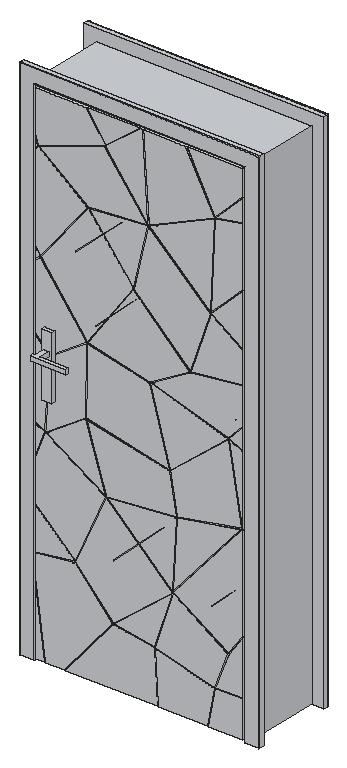
Revit family "PortaVECTORbp_K", category Drzwi, Revit 2016
Family settings
  Obiekt nadrzędny = Ściana
  Zawsze pionowo = Tak
  Tnij formami wycięć po wczytaniu = Nie
  Współdzielony = Nie
  Punkt obliczania pomieszczeń = Nie
Parameters (values of type "PN 80")
  Zakres szerokości muru [instance] = if(and(Szerokość ściany > 94 mm, Szerokość ściany < 120 mm), "B", (if(and(Szerokość ściany > 119 mm, Szerokość ściany < 140 mm), "C", (if(and(Szerokość ściany > 139 mm, Szerokość ściany < 160 mm), "D", (if(and(Szerokość ściany > 159 mm, Szerokość ściany < 180 mm), "E", (if(and(Szerokość ściany > 179 mm, Szerokość ściany < 200 mm), "F", (if(and(Szerokość ściany > 199 mm, Szerokość ściany < 220 mm), "G", (if(and(Szerokość ściany > 219 mm, Szerokość ściany < 240 mm), "H", (if(and(Szerokość ściany > 239 mm, Szerokość ściany < 260 mm), "I", (if(and(Szerokość ściany > 259 mm, Szerokość ściany < 280 mm), "J", (if(and(Szerokość ściany > 279 mm, Szerokość ściany < 301 mm), "K", "BRAK")))))))))))))))))))  # "K"
  Wysokość brutto = 2060 mm
  Szerokość ściany [instance] = 300 mm
  Szerokość brutto = 880 mm
  Model = "Porta Vector K"
  Konstrukcja analityczna = "<Brak>"
  Funkcja = Wewnętrzna
  URL = "www.porta.com.pl"
  Ss = 818 mm
  Sb = 846 mm
  Producent = "PORTA KMI POLAND"
  Keynote = ""
  Opis = "Własność Porta KMI Poland, wszelkie prawa zastrzeżone."  # constant formula
  Wysokość = 2016 mm
  Zakończenie ściany = Wg obiektu nadrzędnego
  Szerokość = 800 mm
  Materiał_skrzydło [instance] = none
  Materiał_ościeżnica [instance] = none
  Materiał_klamka [instance] = none
  Hs = 2017 mm
Reference planes
  plane 1: y = 0
  plane 2 "Środek (Lewa/Prawa)": x = 0
  plane 3 "Lewy": x = -440
  plane 4 "Prawy": x = 440
  plane 5: z = 2060
  plane 6 "Zewnętrzna": y = 150
  plane 7 "Wewnętrzna": y = -150
  plane 8 "skrzydło": y = -129
Forms (mm)
  Sweep 1, solid, material <- "Materiał_ościeżnica"
    path in 3D
      loop
        line (-440, -150, 0) -> (-440, -150, 2060) -> (440, -150, 2060) -> (440, -150, 0)
    profile origin (-440, -150, 1030) x (0, -1, 0) y (1, 0, 0)
      loop
        line (-24, 39) -> (-72, 39) -> (-72, 17) -> (0, 17) -> (0, -33) -> (16, -33)
        arc (16, -33) -> (18.121, -32.121) -> (19, -30) r 3
        line (19, -30) -> (19, 24)
        arc (19, 24) -> (18.121, 26.121) -> (16, 27) r 3
        line (16, 27) -> (-24, 27) -> (-24, 39)
  Sweep 2, solid, material <- "Materiał_ościeżnica"
    path in 3D
      loop
        line (440, 150, 0) -> (440, 150, 2060) -> (-440, 150, 2060) -> (-440, 150, 0)
    profile origin (-440, 150, 1030) x (1, 0, 0) y (0, 1, 0)
      loop
        line (-33, 0) -> (17, 0) -> (17, -228) -> (39, -228) -> (39, -1)
        arc (39, -1) -> (37.536, 2.536) -> (34, 4) r 5
        line (34, 4) -> (25, 4) -> (25, 16)
        arc (25, 16) -> (24.121, 18.121) -> (22, 19) r 3
        line (22, 19) -> (-30, 19)
        arc (-30, 19) -> (-32.121, 18.121) -> (-33, 16) r 3
        line (-33, 16) -> (-33, 0)
  Sweep 3, solid, not visible
    path in 3D
      loop
        line (-440, -150, 0) -> (-440, -150, 2060)
    profile origin (-440, -150, 1030) x (0, -1, 0) y (1, 0, 0)
      loop
        line (-151, 17) -> (-149, 17) -> (-149, 19) -> (-151, 19) -> (-151, 17)
Cuts and joins
  joined: Sweep 1, Sweep 2
Lines and regions (mm)
  Opening 1
    outline origin (-3050, -150, 0) x (1, 0, 0) y (0, 0, 1)
      loop
        line (2610, 0) -> (3490, 0) -> (3490, 2060) -> (2610, 2060) -> (2610, 0)
  sketch lines
    curve 1: line (-440, -150, 0) -> (-440, -150, 2060)
    curve 2: line (-440, -150, 2060) -> (440, -150, 2060)
    curve 3: line (440, -150, 2060) -> (440, -150, 0)
    curve 4: line (-440, 150, 2060) -> (-440, 150, 0)
    curve 5: line (440, 150, 2060) -> (-440, 150, 2060)
    curve 6: line (440, 150, 0) -> (440, 150, 2060)
    curve 12: line (-440, -150, 0) -> (-440, -150, 2060)
  symbolic lines, style "DoorsPanelProjection"
    curve 7: line (409, -150, 0) -> (409, -968, 0)
    curve 8: line (409, -968, 0) -> (369, -968, 0)
    curve 9: line (369, -968, 0) -> (369, -150, 0)
    curve 10: line (369, -150, 0) -> (409, -150, 0)
  symbolic lines, style "Ugięcie rzutu"
    curve 11: arc (-409, -150, 0) -> (-169.413, -728.413, 0) -> (409, -968, 0) r 818
Text (mm)
  text "Zewnętrzna" at (-2295.016, 1099.543, 0), in view "Poziom odniesienia"
  text "Zewnętrzna" at (0, 1615.38, 3698.081), in view "Lewy"
  text "Zewnętrzna" at (0, 1036.032, 3874.932), in view "Prawy"
Dimensions and locks
  equal spacing: plane 3 "Lewy", plane 2 "Środek (Lewa/Prawa)", plane 4 "Prawy"
  "Szerokość brutto": plane 3 "Lewy" to plane 4 "Prawy"
  "Wysokość brutto": plane 5 to host wall
  host wall to plane 5 = 2060 mm  (x2)
  locked: plane 6 "Zewnętrzna" to host wall at 0
  locked: plane 7 "Wewnętrzna" to host wall
  "Sb": Sweep 1 to Sweep 1
  locked: Sweep 1 sketch curve to Sweep 1 sketch curve at 22
  Sweep 1 sketch curve to Sweep 1 sketch curve = 50 mm
  locked: Sweep 1 sketch curve to profile plane at 72
  locked: Sweep 2 sketch curve to Sweep 2 sketch curve at 50
  locked: Sweep 2 sketch curve to Sweep 2 sketch curve at 22
  locked: Sweep 2 sketch curve to plane 6 "Zewnętrzna" at 1
  locked: curve 9 to curve 7 at 40
  "Ss": curve 8 to curve 10
  equal spacing: curve 11, plane 2 "Środek (Lewa/Prawa)", curve 7
  locked: plane 7 "Wewnętrzna" to plane 8 "skrzydło" at 21
  locked: host wall to Sweep 3 sketch curve at 1
  locked: Sweep 3 sketch curve to host wall at 1
  locked: Sweep 3 sketch curve to plane 6 "Zewnętrzna" at 151
  locked: plane 7 "Wewnętrzna" to Sweep 3 sketch curve at 151
  nested 1 to plane 2 "Środek (Lewa/Prawa)" to nested 1 = 409 mm, 409 mm
  locked: nested 1 to level at 8
  "Szerokość ściany": host wall to host wall
  aligned and locked: plane 3 "Lewy" to Opening 1 sketch curve
  aligned and locked: plane 5 to Opening 1 sketch curve  (x2)
  aligned and locked: Opening 1 sketch curve to plane 4 "Prawy"
  aligned and locked: Opening 1 sketch curve to level
  aligned and locked: plane 1 to host wall
  aligned and locked: Sweep 1 to Sweep 2 sketch curve
  aligned and locked: plane 7 "Wewnętrzna" to curve 10
  aligned and locked: Sweep 3 sketch curve to cut or joined group of Sweep 1, Sweep 2
  aligned and locked: Sweep 2 sketch curve to cut or joined group of Sweep 1, Sweep 2
  aligned and locked: nested 1 to plane 8 "skrzydło"
  aligned and locked: plane 2 "Środek (Lewa/Prawa)" to nested 1
Automatic sketch dimensions
  profile plane to Sweep 1 sketch curve = 24 mm
  Sweep 1 sketch curve to profile plane = 16 mm  (x2)
  Sweep 1 sketch curve to Sweep 1 sketch curve = 3 mm
  profile plane to Sweep 1 sketch curve = 17 mm
  Sweep 1 sketch curve to Sweep 1 sketch curve = 7 mm
  Sweep 1 sketch curve to profile plane = 0 mm
  Sweep 2 sketch curve to profile plane = 0 mm
  Sweep 2 sketch curve to profile plane = 16 mm
  Sweep 2 sketch curve to Sweep 2 sketch curve = 3 mm
  Sweep 2 sketch curve to Sweep 2 sketch curve = 5 mm
  Sweep 2 sketch curve to profile plane = 4 mm
  Sweep 2 sketch curve to Sweep 2 sketch curve = 8 mm
  curve 11 to host wall = 0 mm
  Sweep 3 sketch curve to Sweep 3 sketch curve = 2 mm
Nested families
  nested 1: "skrzydło" at (0, -135.5, 0), Materiał_klamka <- "Materiał_klamka", Materiał_skrzydło <- "Materiał_skrzydło", type "skrzydło"
    with Materiał_skrzydło none, Materiał_klamka none, Ss 818 mm
Definition of nested family "skrzydło"
  Parameters
    Ss = 1018 mm
    Materiał_skrzydło [instance] = none
    Materiał_klamka [instance] = none
    Hs = 2017 mm
  Reference planes
    plane 1 "Tył": y = 6.5
    plane 2: z = 0
    plane 3 "Środek (Lewa/Prawa)": x = 0
    plane 4 "Przód": y = -33.5
    plane 5: z = 2025
    plane 6 "Centrum": y = -13.5
    plane 7: z = 8
    plane 8: x = -509
    plane 9: x = 509
  Forms (mm)
    Extrusion 1, solid, material <- "Materiał_skrzydło"
      sketch origin (-1191.728, -1524, 8) x (-1, 0, 0) y (0, -1, 0)
        loop
          line (-1700.728, -1490.5) -> (-1700.728, -1530.5) -> (-682.728, -1530.5) -> (-682.728, -1490.5) -> (-1700.728, -1490.5)
      from 0 to 2017
    Extrusion 2, void
      sketch origin (-2050.117, -33.5, 1200) x (1, 0, 0) y (0, 0, 1)
        loop
          line (1529.514, -818.973) -> (1592.214, -1268.628) -> (1945.247, -961.977) -> (1697.17, -797.736) -> (1529.514, -818.973)
        loop
          line (1948.697, -964.082) -> (1595.067, -1271.455) -> (2126.271, -1275.578) -> (2109.487, -990.859) -> (1948.697, -964.082)
        loop
          line (2113.546, -991.75) -> (2130.343, -1276.68) -> (2375.033, -1420.122) -> (2447.62, -1050.268) -> (2113.546, -991.75)
        loop
          line (2684.447, -660.057) -> (2504.354, -909.412) -> (2452.865, -1046.707) -> (2825.986, -1036.343) -> (2684.447, -660.057)
        loop
          line (2500.133, -909.276) -> (2184.593, -772.218) -> (2113.959, -987.73) -> (2448.703, -1046.416) -> (2500.133, -909.276)
        loop
          line (2179.461, -775.033) -> (1952.571, -960.672) -> (2110.024, -986.894) -> (2179.461, -775.033)
        loop
          line (1700.317, -795.253) -> (1948.097, -959.164) -> (2180.462, -769.046) -> (1921.782, -526.205) -> (1700.317, -795.253)
        loop
          line (2186.505, -768.694) -> (2502.058, -905.76) -> (2682.603, -655.778) -> (2556.332, -451.256) -> (2186.505, -768.694)
        loop
          line (2201.463, -497.735) -> (2185.841, -763.299) -> (2551.409, -450.871) -> (2201.463, -497.735)
        loop
          line (1925.703, -524.399) -> (2181.748, -764.767) -> (2197.424, -498.271) -> (1925.703, -524.399)
        loop
          line (1580.863, -381.636) -> (1494.523, -599.216) -> (1697.291, -792.236) -> (1918.553, -523.636) -> (1580.863, -381.636)
        loop
          line (1266.865, -756.264) -> (1527.348, -815.215) -> (1693.518, -794.166) -> (1491.961, -602.3) -> (1266.865, -756.264)
        loop
          line (1740.148, -276.574) -> (1583.648, -378.64) -> (1917.593, -518.403) -> (1740.148, -276.574)
        loop
          line (2719.06, 80.455) -> (2676.547, 508.296) -> (2803.011, 676.913) -> (2728.619, 896.551) -> (2541.056, 928.401) -> (2218.959, 867.036) -> (2400.574, 1072.97) -> (2030.176, 1012.486) -> (1674.086, 931.801) -> (1461.499, 889.283) -> (1549.56, 621.573) -> (1398.38, 442.266) -> (1559.478, 235.631) -> (1380.294, 105.635) -> (1598.256, -102.424) -> (1578.109, -375.601) -> (1315.267, -245.135) -> (1313.488, -248.717) -> (1577.334, -379.682) -> (1490.53, -598.432) -> (1257.036, -758.141) -> (1525.464, -818.89) -> (1589.119, -1275.398) -> (2127.597, -1279.591) -> (2377.52, -1428.22) -> (2451.603, -1050.744) -> (2831.705, -1040.185) -> (2686.811, -654.979) -> (2559.616, -448.961) -> (2736.05, -389.883) -> (2693.707, -228.787) -> (2506.428, -147.295) -> (2719.06, 80.455)
        loop
          line (1602.248, -102.678) -> (1582.177, -374.824) -> (1739.267, -272.373) -> (1744.071, -7.235) -> (1602.248, -102.678)
        loop
          line (2171.042, -342.458) -> (1744.198, -276.106) -> (1922.524, -520.686) -> (2197.211, -494.273) -> (2171.042, -342.458)
        loop
          line (2501.673, -151.749) -> (2174.948, -341.568) -> (2201.175, -493.72) -> (2554.272, -446.265) -> (2501.673, -151.749)
        loop
          line (2690.331, -231.68) -> (2505.66, -151.323) -> (2558.151, -445.233) -> (2731.23, -387.279) -> (2690.331, -231.68)
        loop
          line (2090.866, -58.669) -> (1748.096, -5.893) -> (1743.277, -271.837) -> (2169.968, -338.159) -> (2090.866, -58.669)
        loop
          line (1386.527, 105.215) -> (1600.498, -99.034) -> (1743.259, -2.96) -> (1561.93, 232.468) -> (1386.527, 105.215)
        loop
          line (1403.529, 442.167) -> (1562.326, 238.483) -> (1745.436, 473.416) -> (1552.118, 618.402) -> (1403.529, 442.167)
        loop
          line (1564.857, 235.223) -> (1746.092, -0.082) -> (2025.692, 248.188) -> (1748.282, 470.561) -> (1564.857, 235.223)
        loop
          line (2028.484, 245.224) -> (1749.557, -2.117) -> (2092.142, -54.853) -> (2249.772, 34.472) -> (2028.484, 245.224)
        loop
          line (2097.555, -56.383) -> (2502.414, -145.734) -> (2711.726, 78.462) -> (2253.748, 32.128) -> (2097.555, -56.383)
        loop
          line (2095.372, -59.901) -> (2173.869, -337.255) -> (2498.883, -148.867) -> (2095.372, -59.901)
        loop
          line (2672.905, 504.493) -> (2436.596, 269.998) -> (2714.077, 90.143) -> (2672.905, 504.493)
        loop
          line (2434.49, 266.596) -> (2256.033, 36.457) -> (2717.392, 83.228) -> (2434.49, 266.596)
        loop
          line (2431.11, 269.075) -> (2088.26, 490.812) -> (2030.415, 248.909) -> (2252.219, 37.665) -> (2431.11, 269.075)
        loop
          line (2027.209, 252.701) -> (2084.511, 492.335) -> (1752.155, 472.121) -> (2027.209, 252.701)
        loop
          line (2090.71, 493.992) -> (2431.627, 274.02) -> (2447.34, 609.215) -> (2090.71, 493.992)
        loop
          line (2451.413, 610.694) -> (2435.664, 274.708) -> (2672.968, 510.19) -> (2796.106, 674.372) -> (2451.413, 610.694)
        loop
          line (2798.143, 678.816) -> (2726.253, 891.069) -> (2455.359, 615.491) -> (2798.143, 678.816)
        loop
          line (2722.985, 893.451) -> (2541.263, 924.309) -> (2218.557, 862.787) -> (2449.975, 615.719) -> (2722.985, 893.451)
        loop
          line (2214.551, 861.802) -> (2067.885, 833.51) -> (2088.918, 497.572) -> (2446.72, 613.321) -> (2214.551, 861.802)
        loop
          line (2064.021, 831.205) -> (1917.719, 715.524) -> (2084.701, 500.918) -> (2064.021, 831.205)
        loop
          line (1677.714, 928.75) -> (1915.391, 718.783) -> (2063.577, 835.953) -> (2029.172, 1007.976) -> (1677.714, 928.75)
        loop
          line (1673.661, 927.637) -> (1466.709, 886.246) -> (1553.066, 623.717) -> (1911.868, 716.885) -> (1673.661, 927.637)
        loop
          line (1914.237, 713.487) -> (1555.971, 620.512) -> (1748.858, 475.849) -> (2083.271, 496.242) -> (1914.237, 713.487)
        loop
          line (2067.35, 837.481) -> (2214.167, 865.801) -> (2394.07, 1067.417) -> (2033.04, 1009.028) -> (2067.35, 837.481)
      from -1 to 10
    Extrusion 3, void
      sketch origin (0, 6.5, 0) x (-1, 0, 0) y (0, 0, 1)
        loop
          line (-520.603, 381.027) -> (-457.903, -68.628) -> (-204.87, 238.023) -> (-352.947, 402.264) -> (-520.603, 381.027)
        loop
          line (-201.42, 235.918) -> (-455.05, -71.455) -> (76.154, -75.578) -> (-40.631, 209.141) -> (-201.42, 235.918)
        loop
          line (-36.571, 208.25) -> (80.225, -76.68) -> (224.916, -220.122) -> (197.503, 149.732) -> (-36.571, 208.25)
        loop
          line (434.33, 539.943) -> (254.237, 290.588) -> (202.748, 153.293) -> (575.869, 163.657) -> (434.33, 539.943)
        loop
          line (250.016, 290.724) -> (34.475, 427.782) -> (-36.158, 212.27) -> (198.585, 153.584) -> (250.016, 290.724)
        loop
          line (29.343, 424.967) -> (-197.546, 239.328) -> (-40.094, 213.106) -> (29.343, 424.967)
        loop
          line (-349.8, 404.747) -> (-202.02, 240.836) -> (30.344, 430.954) -> (-228.335, 673.795) -> (-349.8, 404.747)
        loop
          line (36.388, 431.306) -> (251.941, 294.24) -> (432.486, 544.222) -> (306.215, 748.744) -> (36.388, 431.306)
        loop
          line (51.346, 702.265) -> (35.724, 436.701) -> (301.292, 749.129) -> (51.346, 702.265)
        loop
          line (-224.415, 675.601) -> (31.631, 435.233) -> (47.307, 701.729) -> (-224.415, 675.601)
        loop
          line (-469.255, 818.364) -> (-555.595, 600.784) -> (-352.827, 407.764) -> (-231.564, 676.364) -> (-469.255, 818.364)
        loop
          line (-783.252, 443.736) -> (-522.769, 384.785) -> (-356.6, 405.834) -> (-558.156, 597.7) -> (-783.252, 443.736)
        loop
          line (-309.969, 923.426) -> (-466.469, 821.36) -> (-232.525, 681.597) -> (-309.969, 923.426)
        loop
          line (468.943, 1280.455) -> (426.43, 1708.296) -> (552.894, 1876.913) -> (478.502, 2096.551) -> (290.939, 2128.401) -> (68.842, 2067.036) -> (150.456, 2272.97) -> (-119.941, 2212.486) -> (-376.031, 2131.801) -> (-588.618, 2089.283) -> (-500.557, 1821.573) -> (-651.737, 1642.266) -> (-490.639, 1435.631) -> (-669.823, 1305.635) -> (-451.861, 1097.576) -> (-472.008, 824.399) -> (-734.851, 954.865) -> (-736.629, 951.283) -> (-472.783, 820.318) -> (-559.587, 601.568) -> (-793.081, 441.859) -> (-524.654, 381.11) -> (-460.998, -75.398) -> (77.48, -79.591) -> (227.403, -228.22) -> (201.486, 149.256) -> (581.588, 159.815) -> (436.694, 545.021) -> (309.499, 751.039) -> (485.933, 810.117) -> (443.59, 971.213) -> (256.311, 1052.705) -> (468.943, 1280.455)
        loop
          line (-447.869, 1097.322) -> (-467.94, 825.176) -> (-310.85, 927.627) -> (-306.046, 1192.765) -> (-447.869, 1097.322)
        loop
          line (20.925, 857.542) -> (-305.919, 923.894) -> (-227.593, 679.314) -> (47.094, 705.727) -> (20.925, 857.542)
        loop
          line (251.555, 1048.251) -> (24.831, 858.432) -> (51.058, 706.28) -> (304.155, 753.735) -> (251.555, 1048.251)
        loop
          line (440.214, 968.32) -> (255.543, 1048.677) -> (308.034, 754.767) -> (481.113, 812.721) -> (440.214, 968.32)
        loop
          line (-59.251, 1141.331) -> (-302.021, 1194.107) -> (-306.84, 928.163) -> (19.851, 861.841) -> (-59.251, 1141.331)
        loop
          line (-663.59, 1305.215) -> (-449.619, 1100.966) -> (-306.858, 1197.04) -> (-488.187, 1432.468) -> (-663.59, 1305.215)
        loop
          line (-646.588, 1642.167) -> (-487.791, 1438.483) -> (-304.681, 1673.416) -> (-497.999, 1818.402) -> (-646.588, 1642.167)
        loop
          line (-485.26, 1435.223) -> (-304.025, 1199.918) -> (-124.425, 1448.188) -> (-301.835, 1670.561) -> (-485.26, 1435.223)
        loop
          line (-121.633, 1445.224) -> (-300.56, 1197.883) -> (-57.975, 1145.147) -> (99.654, 1234.472) -> (-121.633, 1445.224)
        loop
          line (-52.562, 1143.617) -> (252.297, 1054.266) -> (461.609, 1278.462) -> (103.631, 1232.128) -> (-52.562, 1143.617)
        loop
          line (-54.746, 1140.099) -> (23.752, 862.745) -> (248.766, 1051.133) -> (-54.746, 1140.099)
        loop
          line (422.788, 1704.493) -> (186.478, 1469.998) -> (463.96, 1290.143) -> (422.788, 1704.493)
        loop
          line (184.373, 1466.596) -> (105.916, 1236.457) -> (467.275, 1283.228) -> (184.373, 1466.596)
        loop
          line (180.993, 1469.075) -> (-61.857, 1690.812) -> (-119.703, 1448.909) -> (102.102, 1237.665) -> (180.993, 1469.075)
        loop
          line (-122.909, 1452.701) -> (-65.606, 1692.335) -> (-297.962, 1672.121) -> (-122.909, 1452.701)
        loop
          line (-59.407, 1693.992) -> (181.51, 1474.02) -> (197.222, 1809.215) -> (-59.407, 1693.992)
        loop
          line (201.296, 1810.694) -> (185.546, 1474.708) -> (422.85, 1710.19) -> (545.989, 1874.372) -> (201.296, 1810.694)
        loop
          line (548.026, 1878.816) -> (476.135, 2091.069) -> (205.242, 1815.491) -> (548.026, 1878.816)
        loop
          line (472.868, 2093.451) -> (291.146, 2124.309) -> (68.44, 2062.787) -> (199.858, 1815.719) -> (472.868, 2093.451)
        loop
          line (64.434, 2061.802) -> (-82.232, 2033.51) -> (-61.199, 1697.572) -> (196.603, 1813.321) -> (64.434, 2061.802)
        loop
          line (-86.096, 2031.205) -> (-232.398, 1915.524) -> (-65.417, 1700.918) -> (-86.096, 2031.205)
        loop
          line (-372.403, 2128.75) -> (-234.726, 1918.783) -> (-86.54, 2035.953) -> (-120.946, 2207.976) -> (-372.403, 2128.75)
        loop
          line (-376.456, 2127.637) -> (-583.408, 2086.246) -> (-497.051, 1823.717) -> (-238.249, 1916.885) -> (-376.456, 2127.637)
        loop
          line (-235.88, 1913.487) -> (-494.146, 1820.512) -> (-301.259, 1675.849) -> (-66.847, 1696.242) -> (-235.88, 1913.487)
        loop
          line (-82.767, 2037.481) -> (64.05, 2065.801) -> (143.953, 2267.417) -> (-117.077, 2209.028) -> (-82.767, 2037.481)
      from -1 to 10
  Cuts and joins
    Extrusion 2, Extrusion 3 cuts Extrusion 1
  Dimensions and locks
    locked: plane 7 to level at 8
    "Hs": plane 5 to plane 7
    locked: nested 1 to plane 7 at 934
    locked: plane 7 to nested 2 at 934
    equal spacing: plane 4 "Przód", plane 6 "Centrum", plane 1 "Tył"
    equal spacing: plane 8, plane 3 "Środek (Lewa/Prawa)", plane 9
    "Ss": plane 8 to plane 9
    locked: plane 8 to nested 1 at 55
    locked: plane 8 to nested 2 at 55
    aligned and locked: nested 1 to plane 4 "Przód"
    aligned and locked: plane 5 to Extrusion 1
    aligned and locked: nested 2 to nested 1
    aligned and locked: Extrusion 1 sketch curve to plane 8
    aligned and locked: Extrusion 1 sketch curve to plane 9
  Automatic sketch dimensions
    plane 1 "Tył" to Extrusion 1 sketch curve = 0 mm
    Extrusion 1 sketch curve to plane 4 "Przód" = 0 mm
    plane 8 to Extrusion 2 sketch curve = 284.081 mm
    Extrusion 2 sketch curve to Extrusion 2 sketch curve = 9.829 mm
    plane 8 to Extrusion 2 sketch curve = 227.629 mm
    Extrusion 2 sketch curve to Extrusion 2 sketch curve = 1.778 mm
    plane 8 to Extrusion 2 sketch curve = 160.823 mm
    Extrusion 2 sketch curve to Extrusion 2 sketch curve = 6.233 mm
    plane 8 to Extrusion 2 sketch curve = 142.737 mm
    Extrusion 2 sketch curve to Extrusion 2 sketch curve = 5.149 mm
    plane 8 to Extrusion 2 sketch curve = 79.618 mm
    Extrusion 2 sketch curve to Extrusion 2 sketch curve = 5.21 mm
    plane 8 to Extrusion 2 sketch curve = 50.587 mm
    Extrusion 2 sketch curve to Extrusion 2 sketch curve = 1.431 mm
    Extrusion 2 sketch curve to Extrusion 2 sketch curve = 2.562 mm
    plane 8 to Extrusion 2 sketch curve = 15.654 mm
    Extrusion 2 sketch curve to Extrusion 2 sketch curve = 1.884 mm
    Extrusion 2 sketch curve to Extrusion 2 sketch curve = 4.05 mm  (x2)
    Extrusion 2 sketch curve to plane 8 = 8.443 mm
    Extrusion 2 sketch curve to Extrusion 2 sketch curve = 2.558 mm
    Extrusion 2 sketch curve to Extrusion 2 sketch curve = 3.506 mm
    Extrusion 2 sketch curve to Extrusion 2 sketch curve = 2.906 mm
    Extrusion 2 sketch curve to plane 8 = 18.361 mm
    Extrusion 2 sketch curve to Extrusion 2 sketch curve = 2.848 mm
    Extrusion 2 sketch curve to Extrusion 2 sketch curve = 2.452 mm
    Extrusion 2 sketch curve to plane 8 = 36.217 mm
    Extrusion 2 sketch curve to Extrusion 2 sketch curve = 0.775 mm
    Extrusion 2 sketch curve to Extrusion 2 sketch curve = 3.528 mm
    Extrusion 2 sketch curve to Extrusion 2 sketch curve = 4.068 mm
    Extrusion 2 sketch curve to Extrusion 2 sketch curve = 1.471 mm
    Extrusion 2 sketch curve to plane 8 = 48.002 mm
    Extrusion 2 sketch curve to Extrusion 2 sketch curve = 3.095 mm
    Extrusion 2 sketch curve to Extrusion 2 sketch curve = 2.853 mm
    Extrusion 2 sketch curve to plane 8 = 57.139 mm
    Extrusion 2 sketch curve to Extrusion 2 sketch curve = 2.242 mm
    Extrusion 2 sketch curve to Extrusion 2 sketch curve = 3.992 mm
    Extrusion 2 sketch curve to plane 8 = 132.544 mm
    Extrusion 2 sketch curve to Extrusion 2 sketch curve = 0.425 mm  (x2)
    Extrusion 2 sketch curve to Extrusion 2 sketch curve = 3.628 mm
    Extrusion 2 sketch curve to plane 8 = 152.4 mm
    Extrusion 2 sketch curve to Extrusion 2 sketch curve = 3.652 mm
    Extrusion 2 sketch curve to Extrusion 2 sketch curve = 3.773 mm
    Extrusion 2 sketch curve to Extrusion 2 sketch curve = 3.147 mm
    Extrusion 2 sketch curve to Extrusion 2 sketch curve = 157.09 mm
    Extrusion 2 sketch curve to Extrusion 2 sketch curve = 0.881 mm
    Extrusion 2 sketch curve to Extrusion 2 sketch curve = 4.01 mm
    Extrusion 2 sketch curve to Extrusion 2 sketch curve = 143.573 mm
    Extrusion 2 sketch curve to Extrusion 2 sketch curve = 2.022 mm
    Extrusion 2 sketch curve to Extrusion 2 sketch curve = 2.846 mm
    Extrusion 2 sketch curve to Extrusion 2 sketch curve = 3.465 mm
    Extrusion 2 sketch curve to Extrusion 2 sketch curve = 3.422 mm
    Extrusion 2 sketch curve to Extrusion 2 sketch curve = 1.462 mm
    Extrusion 2 sketch curve to Extrusion 2 sketch curve = 3.297 mm
    Extrusion 2 sketch curve to plane 3 "Środek (Lewa/Prawa)" = 135.88 mm
    Extrusion 2 sketch curve to Extrusion 2 sketch curve = 3.523 mm
    Extrusion 2 sketch curve to plane 5 = 108.115 mm
    Extrusion 2 sketch curve to Extrusion 2 sketch curve = 2.369 mm
    Extrusion 2 sketch curve to Extrusion 2 sketch curve = 3.483 mm
    Extrusion 2 sketch curve to plane 3 "Środek (Lewa/Prawa)" = 132.525 mm
    Extrusion 2 sketch curve to Extrusion 2 sketch curve = 0.961 mm
    Extrusion 2 sketch curve to Extrusion 2 sketch curve = 3.229 mm
    Extrusion 2 sketch curve to Extrusion 2 sketch curve = 3.971 mm
    Extrusion 2 sketch curve to Extrusion 2 sketch curve = 3.92 mm
    Extrusion 2 sketch curve to plane 3 "Środek (Lewa/Prawa)" = 104.87 mm
    Extrusion 2 sketch curve to Extrusion 2 sketch curve = 2.85 mm
    Extrusion 2 sketch curve to Extrusion 2 sketch curve = 3.449 mm
    Extrusion 2 sketch curve to Extrusion 2 sketch curve = 4.474 mm
    Extrusion 2 sketch curve to plane 3 "Środek (Lewa/Prawa)" = 22.909 mm
    Extrusion 2 sketch curve to Extrusion 2 sketch curve = 1.517 mm
    Extrusion 2 sketch curve to plane 3 "Środek (Lewa/Prawa)" = 20.946 mm
    Extrusion 2 sketch curve to Extrusion 2 sketch curve = 1.276 mm  (x2)
    Extrusion 2 sketch curve to Extrusion 2 sketch curve = 1.004 mm
    Extrusion 2 sketch curve to Extrusion 2 sketch curve = 1.93 mm
    Extrusion 2 sketch curve to Extrusion 2 sketch curve = 3.869 mm
    plane 3 "Środek (Lewa/Prawa)" to Extrusion 2 sketch curve = 13.904 mm
    Extrusion 2 sketch curve to Extrusion 2 sketch curve = 0.445 mm
    Extrusion 2 sketch curve to Extrusion 2 sketch curve = 3.774 mm
    plane 5 to Extrusion 2 sketch curve = 6.205 mm
    plane 3 "Środek (Lewa/Prawa)" to Extrusion 2 sketch curve = 34.583 mm
    Extrusion 2 sketch curve to Extrusion 2 sketch curve = 1.43 mm
    Extrusion 2 sketch curve to Extrusion 2 sketch curve = 6.198 mm
    Extrusion 2 sketch curve to Extrusion 2 sketch curve = 0.658 mm
    plane 3 "Środek (Lewa/Prawa)" to Extrusion 2 sketch curve = 40.749 mm
    Extrusion 2 sketch curve to Extrusion 2 sketch curve = 6.689 mm
    Extrusion 2 sketch curve to Extrusion 2 sketch curve = 3.23 mm
    plane 3 "Środek (Lewa/Prawa)" to Extrusion 2 sketch curve = 59.369 mm
    Extrusion 2 sketch curve to Extrusion 2 sketch curve = 0.537 mm
    Extrusion 2 sketch curve to Extrusion 2 sketch curve = 4.059 mm
    Extrusion 2 sketch curve to Extrusion 2 sketch curve = 3.935 mm
    plane 3 "Środek (Lewa/Prawa)" to Extrusion 2 sketch curve = 76.154 mm
    Extrusion 2 sketch curve to Extrusion 2 sketch curve = 1.327 mm
    Extrusion 2 sketch curve to Extrusion 2 sketch curve = 2.745 mm
    plane 3 "Środek (Lewa/Prawa)" to Extrusion 2 sketch curve = 119.851 mm
    Extrusion 2 sketch curve to Extrusion 2 sketch curve = 1.074 mm
    Extrusion 2 sketch curve to Extrusion 2 sketch curve = 3.901 mm
    Extrusion 2 sketch curve to Extrusion 2 sketch curve = 3.906 mm
    plane 3 "Środek (Lewa/Prawa)" to Extrusion 2 sketch curve = 129.343 mm
    Extrusion 2 sketch curve to Extrusion 2 sketch curve = 1.001 mm
    Extrusion 2 sketch curve to Extrusion 2 sketch curve = 1.286 mm
    Extrusion 2 sketch curve to Extrusion 2 sketch curve = 4.131 mm
    Extrusion 2 sketch curve to Extrusion 2 sketch curve = 4.093 mm  (x2)
    Extrusion 2 sketch curve to Extrusion 2 sketch curve = 1.913 mm
    plane 3 "Środek (Lewa/Prawa)" to Extrusion 2 sketch curve = 147.094 mm
    Extrusion 2 sketch curve to Extrusion 2 sketch curve = 0.213 mm
    Extrusion 2 sketch curve to Extrusion 2 sketch curve = 3.964 mm
    Extrusion 2 sketch curve to Extrusion 2 sketch curve = 0.288 mm
    Extrusion 2 sketch curve to Extrusion 2 sketch curve = 0.384 mm
    plane 5 to Extrusion 2 sketch curve = 40.801 mm
    Extrusion 2 sketch curve to Extrusion 2 sketch curve = 4.006 mm
    plane 5 to Extrusion 2 sketch curve = 37.787 mm
    plane 5 to Extrusion 2 sketch curve = 42.036 mm
    Extrusion 2 sketch curve to Extrusion 2 sketch curve = 0.402 mm
    Extrusion 2 sketch curve to Extrusion 2 sketch curve = 156.847 mm
    Extrusion 2 sketch curve to Extrusion 2 sketch curve = 2.447 mm
    Extrusion 2 sketch curve to Extrusion 2 sketch curve = 3.977 mm
    Extrusion 2 sketch curve to Extrusion 2 sketch curve = 2.285 mm
    Extrusion 2 sketch curve to plane 9 = 184.084 mm
    Extrusion 2 sketch curve to Extrusion 2 sketch curve = 2.487 mm
    Extrusion 2 sketch curve to plane 9 = 165.047 mm
    Extrusion 2 sketch curve to Extrusion 2 sketch curve = 6.504 mm
    Extrusion 2 sketch curve to plane 9 = 127.49 mm
    Extrusion 2 sketch curve to Extrusion 2 sketch curve = 0.517 mm
    Extrusion 2 sketch curve to Extrusion 2 sketch curve = 0.932 mm
    Extrusion 2 sketch curve to Extrusion 2 sketch curve = 1.173 mm
    Extrusion 2 sketch curve to plane 9 = 111.778 mm
    Extrusion 2 sketch curve to plane 9 = 111.497 mm
    Extrusion 2 sketch curve to Extrusion 2 sketch curve = 2.635 mm
    Extrusion 2 sketch curve to Extrusion 2 sketch curve = 3.255 mm
    Extrusion 2 sketch curve to Extrusion 2 sketch curve = 1.082 mm
    Extrusion 2 sketch curve to Extrusion 2 sketch curve = 1.438 mm
    Extrusion 2 sketch curve to Extrusion 2 sketch curve = 3.983 mm
    Extrusion 2 sketch curve to Extrusion 2 sketch curve = 4.163 mm
    Extrusion 2 sketch curve to plane 9 = 60.234 mm
    Extrusion 2 sketch curve to plane 9 = 58.984 mm
    Extrusion 2 sketch curve to Extrusion 2 sketch curve = 2.789 mm
    Extrusion 2 sketch curve to Extrusion 2 sketch curve = 1.925 mm
    Extrusion 2 sketch curve to Extrusion 2 sketch curve = 3.531 mm
    Extrusion 2 sketch curve to Extrusion 2 sketch curve = 4.221 mm
    Extrusion 2 sketch curve to Extrusion 2 sketch curve = 3.987 mm
    Extrusion 2 sketch curve to Extrusion 2 sketch curve = 0.769 mm
    Extrusion 2 sketch curve to plane 9 = 18.061 mm
    Extrusion 2 sketch curve to Extrusion 2 sketch curve = 0.208 mm
    Extrusion 2 sketch curve to plane 9 = 7.708 mm
    Extrusion 2 sketch curve to plane 9 = 4.845 mm
    Extrusion 2 sketch curve to plane 9 = 2.785 mm
    Extrusion 2 sketch curve to plane 9 = 0.966 mm
    plane 9 to Extrusion 2 sketch curve = 0.499 mm
    plane 9 to Extrusion 2 sketch curve = 113.788 mm
    Extrusion 2 sketch curve to Extrusion 2 sketch curve = 0.062 mm
    plane 9 to Extrusion 2 sketch curve = 123.486 mm
    Extrusion 2 sketch curve to Extrusion 2 sketch curve = 1.844 mm
    Extrusion 2 sketch curve to Extrusion 2 sketch curve = 4.208 mm
    plane 9 to Extrusion 2 sketch curve = 131.214 mm
    Extrusion 2 sketch curve to Extrusion 2 sketch curve = 3.375 mm
    plane 9 to Extrusion 2 sketch curve = 154.96 mm
    Extrusion 2 sketch curve to Extrusion 2 sketch curve = 3.314 mm
    Extrusion 2 sketch curve to Extrusion 2 sketch curve = 2.351 mm
    Extrusion 2 sketch curve to Extrusion 2 sketch curve = 7.334 mm
    plane 9 to Extrusion 2 sketch curve = 167.135 mm
    plane 5 to Extrusion 2 sketch curve = 68.451 mm
    Extrusion 2 sketch curve to Extrusion 2 sketch curve = 5.634 mm
    plane 5 to Extrusion 2 sketch curve = 66.069 mm
    Extrusion 2 sketch curve to Extrusion 2 sketch curve = 3.268 mm
    plane 5 to Extrusion 2 sketch curve = 71.551 mm
    Extrusion 2 sketch curve to Extrusion 2 sketch curve = 40.899 mm
    Extrusion 2 sketch curve to Extrusion 2 sketch curve = 4.82 mm
    Extrusion 2 sketch curve to Extrusion 2 sketch curve = 121.596 mm
    Extrusion 2 sketch curve to Extrusion 2 sketch curve = 2.037 mm
    Extrusion 2 sketch curve to Extrusion 2 sketch curve = 6.905 mm
    plane 9 to Extrusion 2 sketch curve = 266.869 mm
    Extrusion 2 sketch curve to Extrusion 2 sketch curve = 5.719 mm
    Extrusion 2 sketch curve to Extrusion 2 sketch curve = 2.038 mm
    Extrusion 2 sketch curve to plane 5 = 146.184 mm
    Extrusion 2 sketch curve to Extrusion 2 sketch curve = 1.904 mm
    Extrusion 2 sketch curve to Extrusion 2 sketch curve = 2.54 mm
    Extrusion 2 sketch curve to Extrusion 2 sketch curve = 3.205 mm
    Extrusion 2 sketch curve to Extrusion 2 sketch curve = 2.144 mm
    Extrusion 2 sketch curve to Extrusion 2 sketch curve = 3.171 mm
    Extrusion 2 sketch curve to Extrusion 2 sketch curve = 2.398 mm
    Extrusion 2 sketch curve to Extrusion 2 sketch curve = 4.797 mm
    Extrusion 2 sketch curve to Extrusion 2 sketch curve = 168.626 mm
    Extrusion 2 sketch curve to Extrusion 2 sketch curve = 1.894 mm
    Extrusion 2 sketch curve to Extrusion 2 sketch curve = 2.25 mm
    Extrusion 2 sketch curve to Extrusion 2 sketch curve = 5.237 mm
    Extrusion 2 sketch curve to Extrusion 2 sketch curve = 3.346 mm
    Extrusion 2 sketch curve to Extrusion 2 sketch curve = 1.657 mm
    Extrusion 2 sketch curve to Extrusion 2 sketch curve = 2.434 mm
    Extrusion 2 sketch curve to Extrusion 2 sketch curve = 1.56 mm
    Extrusion 2 sketch curve to Extrusion 2 sketch curve = 1.295 mm
    Extrusion 2 sketch curve to Extrusion 2 sketch curve = 0.099 mm
    Extrusion 2 sketch curve to Extrusion 2 sketch curve = 0.922 mm
    Extrusion 2 sketch curve to Extrusion 2 sketch curve = 0.689 mm
    Extrusion 2 sketch curve to Extrusion 2 sketch curve = 4.944 mm
    Extrusion 2 sketch curve to Extrusion 2 sketch curve = 0.721 mm
    Extrusion 2 sketch curve to Extrusion 2 sketch curve = 206.537 mm
    Extrusion 2 sketch curve to Extrusion 2 sketch curve = 2.852 mm
    Extrusion 2 sketch curve to Extrusion 2 sketch curve = 3.26 mm
    Extrusion 2 sketch curve to Extrusion 2 sketch curve = 2.755 mm
    Extrusion 2 sketch curve to Extrusion 2 sketch curve = 0.42 mm
    Extrusion 2 sketch curve to Extrusion 2 sketch curve = 179.854 mm
    Extrusion 2 sketch curve to Extrusion 2 sketch curve = 6.915 mm
    Extrusion 2 sketch curve to Extrusion 2 sketch curve = 2.773 mm
    Extrusion 2 sketch curve to Extrusion 2 sketch curve = 1.994 mm
    Extrusion 2 sketch curve to Extrusion 2 sketch curve = 1.985 mm
    Extrusion 2 sketch curve to Extrusion 2 sketch curve = 1.208 mm
    Extrusion 2 sketch curve to Extrusion 2 sketch curve = 0.843 mm
    Extrusion 2 sketch curve to Extrusion 2 sketch curve = 2.035 mm
    Extrusion 2 sketch curve to Extrusion 2 sketch curve = 4.276 mm
    Extrusion 2 sketch curve to Extrusion 2 sketch curve = 2.933 mm
    Extrusion 2 sketch curve to Extrusion 2 sketch curve = 3.816 mm  (x2)
    Extrusion 2 sketch curve to Extrusion 2 sketch curve = 3.518 mm
    Extrusion 2 sketch curve to Extrusion 2 sketch curve = 3.389 mm
    Extrusion 2 sketch curve to Extrusion 2 sketch curve = 3.644 mm
    Extrusion 2 sketch curve to Extrusion 2 sketch curve = 177.862 mm
    Extrusion 2 sketch curve to Extrusion 2 sketch curve = 1.562 mm
    Extrusion 2 sketch curve to Extrusion 2 sketch curve = 3.133 mm
    Extrusion 2 sketch curve to Extrusion 2 sketch curve = 4.028 mm
    Extrusion 2 sketch curve to Extrusion 2 sketch curve = 77.464 mm
    Extrusion 2 sketch curve to Extrusion 2 sketch curve = 2.894 mm
    Extrusion 2 sketch curve to Extrusion 2 sketch curve = 142.711 mm
    Extrusion 2 sketch curve to Extrusion 2 sketch curve = 3.583 mm
    Extrusion 2 sketch curve to Extrusion 2 sketch curve = 103.764 mm
    Extrusion 2 sketch curve to Extrusion 2 sketch curve = 0.536 mm
    Extrusion 2 sketch curve to Extrusion 2 sketch curve = 4.268 mm
    Extrusion 2 sketch curve to Extrusion 2 sketch curve = 0.468 mm
    Extrusion 2 sketch curve to Extrusion 2 sketch curve = 280.872 mm
    Extrusion 2 sketch curve to Extrusion 2 sketch curve = 0.904 mm
    Extrusion 2 sketch curve to Extrusion 2 sketch curve = 4.314 mm
    Extrusion 2 sketch curve to Extrusion 2 sketch curve = 0.89 mm
    Extrusion 2 sketch curve to Extrusion 2 sketch curve = 0.777 mm
    Extrusion 2 sketch curve to Extrusion 2 sketch curve = 1.953 mm
    Extrusion 2 sketch curve to Extrusion 2 sketch curve = 155.598 mm
    Extrusion 2 sketch curve to Extrusion 2 sketch curve = 2.604 mm
    Extrusion 2 sketch curve to Extrusion 2 sketch curve = 57.954 mm
    Extrusion 2 sketch curve to Extrusion 2 sketch curve = 1.032 mm
    Extrusion 2 sketch curve to Extrusion 2 sketch curve = 3.728 mm
    Extrusion 2 sketch curve to Extrusion 2 sketch curve = 4.606 mm
    Extrusion 2 sketch curve to Extrusion 2 sketch curve = 2.295 mm
    Extrusion 2 sketch curve to Extrusion 2 sketch curve = 151.261 mm
    Extrusion 2 sketch curve to Extrusion 2 sketch curve = 0.554 mm
    Extrusion 2 sketch curve to Extrusion 2 sketch curve = 4.016 mm
    Extrusion 2 sketch curve to Extrusion 2 sketch curve = 3.998 mm
    Extrusion 2 sketch curve to Extrusion 2 sketch curve = 242.297 mm
    Extrusion 2 sketch curve to Extrusion 2 sketch curve = 2.283 mm
    Extrusion 2 sketch curve to Extrusion 2 sketch curve = 2.95 mm
    Extrusion 2 sketch curve to Extrusion 2 sketch curve = 3.713 mm
    Extrusion 2 sketch curve to Extrusion 2 sketch curve = 2.569 mm
    Extrusion 2 sketch curve to Extrusion 2 sketch curve = 216.796 mm
    Extrusion 2 sketch curve to Extrusion 2 sketch curve = 0.784 mm
    Extrusion 2 sketch curve to Extrusion 2 sketch curve = 3.084 mm
    Extrusion 2 sketch curve to Extrusion 2 sketch curve = 203.724 mm
    Extrusion 2 sketch curve to Extrusion 2 sketch curve = 0.799 mm
    Extrusion 2 sketch curve to Extrusion 2 sketch curve = 4.279 mm  (x2)
    Extrusion 2 sketch curve to Extrusion 2 sketch curve = 153.965 mm
    Extrusion 2 sketch curve to Extrusion 2 sketch curve = 1.877 mm
    Extrusion 2 sketch curve to Extrusion 2 sketch curve = 265.028 mm
    Extrusion 2 sketch curve to Extrusion 2 sketch curve = 1.468 mm
    Extrusion 2 sketch curve to Extrusion 2 sketch curve = 5.395 mm
    Extrusion 2 sketch curve to Extrusion 2 sketch curve = 3.524 mm
    Extrusion 2 sketch curve to Extrusion 2 sketch curve = 2.815 mm
    Extrusion 2 sketch curve to Extrusion 2 sketch curve = 189.936 mm
    Extrusion 2 sketch curve to Extrusion 2 sketch curve = 1.931 mm
    Extrusion 2 sketch curve to Extrusion 2 sketch curve = 3.017 mm
    Extrusion 2 sketch curve to Extrusion 2 sketch curve = 2.483 mm
    Extrusion 2 sketch curve to Extrusion 2 sketch curve = 21.049 mm
    Extrusion 2 sketch curve to Extrusion 2 sketch curve = 3.675 mm
    Extrusion 2 sketch curve to Extrusion 2 sketch curve = 0.083 mm
    Extrusion 2 sketch curve to Extrusion 2 sketch curve = 133.542 mm
    Extrusion 2 sketch curve to Extrusion 2 sketch curve = 3.516 mm
    Extrusion 2 sketch curve to Extrusion 2 sketch curve = 0.136 mm
    Extrusion 2 sketch curve to Extrusion 2 sketch curve = 163.912 mm
    Extrusion 2 sketch curve to Extrusion 2 sketch curve = 1.508 mm
    Extrusion 2 sketch curve to Extrusion 2 sketch curve = 2.813 mm
    Extrusion 2 sketch curve to Extrusion 2 sketch curve = 2.104 mm
    Extrusion 2 sketch curve to Extrusion 2 sketch curve = 26.222 mm
    Extrusion 2 sketch curve to Extrusion 2 sketch curve = 0.836 mm
    Extrusion 2 sketch curve to Extrusion 2 sketch curve = 3.966 mm
    Extrusion 2 sketch curve to Extrusion 2 sketch curve = 4.02 mm
    plane 7 to Extrusion 2 sketch curve = 155.657 mm
    Extrusion 2 sketch curve to Extrusion 2 sketch curve = 3.843 mm
    plane 7 to Extrusion 2 sketch curve = 145.584 mm
    Extrusion 2 sketch curve to Extrusion 2 sketch curve = 0.291 mm
    Extrusion 2 sketch curve to Extrusion 2 sketch curve = 3.852 mm
    Extrusion 2 sketch curve to Extrusion 2 sketch curve = 0.475 mm
    Extrusion 2 sketch curve to level = 68.628 mm
    Extrusion 2 sketch curve to Extrusion 2 sketch curve = 2.827 mm
    Extrusion 2 sketch curve to Extrusion 2 sketch curve = 3.943 mm
    Extrusion 2 sketch curve to level = 75.578 mm
    Extrusion 2 sketch curve to Extrusion 2 sketch curve = 1.102 mm
    Extrusion 2 sketch curve to Extrusion 2 sketch curve = 2.911 mm
    Extrusion 2 sketch curve to Extrusion 2 sketch curve = 140.531 mm
    Extrusion 2 sketch curve to Extrusion 2 sketch curve = 8.098 mm
    Extrusion 2 sketch curve to Extrusion 2 sketch curve = 1.898 mm
    Extrusion 2 sketch curve to Extrusion 2 sketch curve = 2.305 mm
    Extrusion 2 sketch curve to Extrusion 2 sketch curve = 1.528 mm
    plane 5 to Extrusion 2 sketch curve = 61.246 mm
    Extrusion 2 sketch curve to Extrusion 2 sketch curve = 3.037 mm
    plane 5 to Extrusion 2 sketch curve = 102.637 mm
    Extrusion 2 sketch curve to Extrusion 2 sketch curve = 3.051 mm
    Extrusion 2 sketch curve to Extrusion 2 sketch curve = 171.548 mm
    Extrusion 2 sketch curve to Extrusion 2 sketch curve = 1.052 mm
    Extrusion 2 sketch curve to Extrusion 2 sketch curve = 4.51 mm
    Extrusion 2 sketch curve to Extrusion 2 sketch curve = 139.015 mm
    Extrusion 2 sketch curve to Extrusion 2 sketch curve = 5.554 mm
    plane 7 to Extrusion 2 sketch curve = 200.25 mm
    Extrusion 2 sketch curve to Extrusion 2 sketch curve = 137.295 mm
    Extrusion 2 sketch curve to Extrusion 2 sketch curve = 93.142 mm
    Extrusion 2 sketch curve to Extrusion 2 sketch curve = 2.344 mm
    Extrusion 2 sketch curve to Extrusion 2 sketch curve = 204.249 mm
    Extrusion 2 sketch curve to Extrusion 2 sketch curve = 127.253 mm
    Extrusion 2 sketch curve to Extrusion 2 sketch curve = 247.111 mm
    Extrusion 2 sketch curve to Extrusion 2 sketch curve = 28.797 mm
    Extrusion 2 sketch curve to Extrusion 2 sketch curve = 5.296 mm
    Extrusion 2 sketch curve to Extrusion 2 sketch curve = 2.443 mm
    plane 5 to Extrusion 2 sketch curve = 99.309 mm
    Extrusion 2 sketch curve to Extrusion 2 sketch curve = 1.113 mm
    plane 5 to Extrusion 2 sketch curve = 36.802 mm
    Extrusion 2 sketch curve to Extrusion 2 sketch curve = 0.534 mm
    Extrusion 2 sketch curve to Extrusion 2 sketch curve = 146.817 mm
    Extrusion 2 sketch curve to plane 5 = 206.598 mm
    Extrusion 2 sketch curve to Extrusion 2 sketch curve = 23.852 mm
    Extrusion 2 sketch curve to Extrusion 2 sketch curve = 3.749 mm
    Extrusion 2 sketch curve to Extrusion 2 sketch curve = 1.523 mm
    Extrusion 2 sketch curve to plane 8 = 204.319 mm
    Extrusion 2 sketch curve to Extrusion 2 sketch curve = 1.241 mm
    Extrusion 2 sketch curve to Extrusion 2 sketch curve = 5.384 mm
    Extrusion 2 sketch curve to Extrusion 2 sketch curve = 0.228 mm
    Extrusion 2 sketch curve to plane 5 = 214.306 mm
    Extrusion 2 sketch curve to Extrusion 2 sketch curve = 1.479 mm
    Extrusion 2 sketch curve to Extrusion 2 sketch curve = 3.642 mm
    Extrusion 2 sketch curve to Extrusion 2 sketch curve = 3.803 mm
    Extrusion 2 sketch curve to Extrusion 2 sketch curve = 1.232 mm
    Extrusion 2 sketch curve to Extrusion 2 sketch curve = 0.811 mm
    Extrusion 2 sketch curve to Extrusion 2 sketch curve = 2.53 mm
    Extrusion 2 sketch curve to Extrusion 2 sketch curve = 4.513 mm
    Extrusion 2 sketch curve to Extrusion 2 sketch curve = 2.965 mm
    Extrusion 2 sketch curve to Extrusion 2 sketch curve = 3.381 mm
    Extrusion 2 sketch curve to Extrusion 2 sketch curve = 2.48 mm
    Extrusion 2 sketch curve to Extrusion 2 sketch curve = 225.757 mm
    Extrusion 2 sketch curve to Extrusion 2 sketch curve = 245.703 mm
    plane 7 to Extrusion 3 sketch curve = 433.859 mm
    plane 7 to Extrusion 3 sketch curve = 435.736 mm
    Extrusion 3 sketch curve to Extrusion 3 sketch curve = 9.829 mm
    plane 7 to Extrusion 3 sketch curve = 943.283 mm
    Extrusion 3 sketch curve to Extrusion 3 sketch curve = 46.623 mm
    plane 7 to Extrusion 3 sketch curve = 946.865 mm
    Extrusion 3 sketch curve to Extrusion 3 sketch curve = 1.778 mm
    Extrusion 3 sketch curve to plane 5 = 719.365 mm
    Extrusion 3 sketch curve to Extrusion 3 sketch curve = 65.028 mm
    Extrusion 3 sketch curve to plane 5 = 719.785 mm
    Extrusion 3 sketch curve to Extrusion 3 sketch curve = 6.233 mm
    Extrusion 3 sketch curve to plane 5 = 382.734 mm
    Extrusion 3 sketch curve to Extrusion 3 sketch curve = 18.086 mm
    Extrusion 3 sketch curve to plane 5 = 382.833 mm
    Extrusion 3 sketch curve to Extrusion 3 sketch curve = 5.149 mm
    plane 5 to Extrusion 3 sketch curve = 64.283 mm
    Extrusion 3 sketch curve to Extrusion 3 sketch curve = 57.97 mm
    plane 5 to Extrusion 3 sketch curve = 61.246 mm
    Extrusion 3 sketch curve to Extrusion 3 sketch curve = 5.21 mm
    plane 7 to Extrusion 3 sketch curve = 593.568 mm
    Extrusion 3 sketch curve to Extrusion 3 sketch curve = 223.665 mm
    plane 7 to Extrusion 3 sketch curve = 589.7 mm
    Extrusion 3 sketch curve to Extrusion 3 sketch curve = 1.431 mm
    plane 7 to Extrusion 3 sketch curve = 592.784 mm
    Extrusion 3 sketch curve to Extrusion 3 sketch curve = 2.562 mm
    plane 7 to Extrusion 3 sketch curve = 373.11 mm
    Extrusion 3 sketch curve to Extrusion 3 sketch curve = 33.503 mm
    plane 7 to Extrusion 3 sketch curve = 376.785 mm
    Extrusion 3 sketch curve to Extrusion 3 sketch curve = 1.884 mm
    plane 7 to Extrusion 3 sketch curve = 373.027 mm
    Extrusion 3 sketch curve to Extrusion 3 sketch curve = 4.05 mm  (x2)
    Extrusion 3 sketch curve to plane 5 = 203.427 mm
    Extrusion 3 sketch curve to Extrusion 3 sketch curve = 146.031 mm
    Extrusion 3 sketch curve to plane 5 = 206.598 mm
    Extrusion 3 sketch curve to Extrusion 3 sketch curve = 2.558 mm
    Extrusion 3 sketch curve to plane 5 = 201.283 mm
    Extrusion 3 sketch curve to Extrusion 3 sketch curve = 3.506 mm
    Extrusion 3 sketch curve to plane 5 = 204.488 mm
    Extrusion 3 sketch curve to Extrusion 3 sketch curve = 2.906 mm
    Extrusion 3 sketch curve to plane 5 = 589.369 mm
    Extrusion 3 sketch curve to Extrusion 3 sketch curve = 172.951 mm
    Extrusion 3 sketch curve to plane 5 = 592.532 mm
    Extrusion 3 sketch curve to Extrusion 3 sketch curve = 2.452 mm
    Extrusion 3 sketch curve to plane 5 = 586.517 mm
    Extrusion 3 sketch curve to Extrusion 3 sketch curve = 2.848 mm
    Extrusion 3 sketch curve to plane 5 = 589.777 mm
    Extrusion 3 sketch curve to Extrusion 3 sketch curve = 2.927 mm
    plane 7 to Extrusion 3 sketch curve = 812.318 mm
    plane 7 to Extrusion 3 sketch curve = 816.399 mm
    plane 7 to Extrusion 3 sketch curve = 810.364 mm
    Extrusion 3 sketch curve to Extrusion 3 sketch curve = 3.528 mm
    plane 7 to Extrusion 3 sketch curve = 817.176 mm
    Extrusion 3 sketch curve to Extrusion 3 sketch curve = 4.068 mm
    plane 7 to Extrusion 3 sketch curve = 813.36 mm
    Extrusion 3 sketch curve to Extrusion 3 sketch curve = 1.471 mm
    Extrusion 3 sketch curve to level = 75.398 mm
    Extrusion 3 sketch curve to Extrusion 3 sketch curve = 59.605 mm
    Extrusion 3 sketch curve to level = 68.628 mm
    Extrusion 3 sketch curve to Extrusion 3 sketch curve = 3.095 mm
    Extrusion 3 sketch curve to level = 71.455 mm
    Extrusion 3 sketch curve to Extrusion 3 sketch curve = 2.853 mm
    plane 7 to Extrusion 3 sketch curve = 1089.576 mm
    Extrusion 3 sketch curve to Extrusion 3 sketch curve = 16.078 mm
    plane 7 to Extrusion 3 sketch curve = 1092.966 mm
    Extrusion 3 sketch curve to Extrusion 3 sketch curve = 2.242 mm
    plane 7 to Extrusion 3 sketch curve = 1089.322 mm
    Extrusion 3 sketch curve to Extrusion 3 sketch curve = 3.992 mm
    plane 5 to Extrusion 3 sketch curve = 102.637 mm
    Extrusion 3 sketch curve to Extrusion 3 sketch curve = 206.952 mm
    plane 5 to Extrusion 3 sketch curve = 106.801 mm
    Extrusion 3 sketch curve to Extrusion 3 sketch curve = 0.425 mm
    plane 5 to Extrusion 3 sketch curve = 103.75 mm
    Extrusion 3 sketch curve to Extrusion 3 sketch curve = 4.053 mm
    plane 7 to Extrusion 3 sketch curve = 397.834 mm
    Extrusion 3 sketch curve to Extrusion 3 sketch curve = 164.004 mm
    plane 7 to Extrusion 3 sketch curve = 394.264 mm
    Extrusion 3 sketch curve to Extrusion 3 sketch curve = 3.652 mm
    plane 7 to Extrusion 3 sketch curve = 399.764 mm
    Extrusion 3 sketch curve to Extrusion 3 sketch curve = 3.773 mm
    plane 7 to Extrusion 3 sketch curve = 396.747 mm
    Extrusion 3 sketch curve to Extrusion 3 sketch curve = 3.147 mm
    plane 7 to Extrusion 3 sketch curve = 919.627 mm
    Extrusion 3 sketch curve to Extrusion 3 sketch curve = 157.09 mm
    plane 7 to Extrusion 3 sketch curve = 915.426 mm
    Extrusion 3 sketch curve to Extrusion 3 sketch curve = 0.881 mm
    plane 7 to Extrusion 3 sketch curve = 1189.04 mm
    Extrusion 3 sketch curve to Extrusion 3 sketch curve = 142.761 mm
    plane 7 to Extrusion 3 sketch curve = 920.163 mm
    Extrusion 3 sketch curve to Extrusion 3 sketch curve = 4.01 mm
    plane 7 to Extrusion 3 sketch curve = 1184.765 mm
    Extrusion 3 sketch curve to Extrusion 3 sketch curve = 0.811 mm
    plane 7 to Extrusion 3 sketch curve = 915.894 mm
    Extrusion 3 sketch curve to plane 5 = 351.584 mm
    Extrusion 3 sketch curve to Extrusion 3 sketch curve = 189.464 mm
    plane 7 to Extrusion 3 sketch curve = 1191.918 mm
    Extrusion 3 sketch curve to Extrusion 3 sketch curve = 2.833 mm
    plane 7 to Extrusion 3 sketch curve = 1186.107 mm
    Extrusion 3 sketch curve to Extrusion 3 sketch curve = 4.025 mm
    Extrusion 3 sketch curve to plane 5 = 354.439 mm
    Extrusion 3 sketch curve to Extrusion 3 sketch curve = 2.846 mm
    Extrusion 3 sketch curve to plane 5 = 349.151 mm
    Extrusion 3 sketch curve to Extrusion 3 sketch curve = 3.422 mm
    plane 7 to Extrusion 3 sketch curve = 1189.883 mm
    Extrusion 3 sketch curve to Extrusion 3 sketch curve = 3.465 mm
    Extrusion 3 sketch curve to plane 5 = 352.879 mm
    Extrusion 3 sketch curve to Extrusion 3 sketch curve = 3.872 mm
    Extrusion 3 sketch curve to plane 5 = 108.115 mm
    Extrusion 3 sketch curve to Extrusion 3 sketch curve = 63.01 mm
    Extrusion 3 sketch curve to plane 5 = 111.513 mm
    Extrusion 3 sketch curve to Extrusion 3 sketch curve = 2.369 mm
    Extrusion 3 sketch curve to plane 5 = 106.217 mm
    Extrusion 3 sketch curve to Extrusion 3 sketch curve = 3.523 mm
    plane 7 to Extrusion 3 sketch curve = 673.597 mm
    Extrusion 3 sketch curve to Extrusion 3 sketch curve = 73.395 mm
    Extrusion 3 sketch curve to plane 5 = 109.476 mm
    Extrusion 3 sketch curve to Extrusion 3 sketch curve = 2.328 mm
    plane 7 to Extrusion 3 sketch curve = 668.364 mm
    Extrusion 3 sketch curve to Extrusion 3 sketch curve = 0.961 mm
    plane 7 to Extrusion 3 sketch curve = 665.795 mm
    Extrusion 3 sketch curve to Extrusion 3 sketch curve = 3.229 mm
    plane 7 to Extrusion 3 sketch curve = 671.314 mm
    Extrusion 3 sketch curve to Extrusion 3 sketch curve = 3.971 mm
    plane 7 to Extrusion 3 sketch curve = 667.601 mm
    Extrusion 3 sketch curve to Extrusion 3 sketch curve = 3.92 mm
    level to Extrusion 3 sketch curve = 238.023 mm
    Extrusion 3 sketch curve to Extrusion 3 sketch curve = 144.93 mm
    level to Extrusion 3 sketch curve = 240.836 mm
    Extrusion 3 sketch curve to Extrusion 3 sketch curve = 2.85 mm
    level to Extrusion 3 sketch curve = 235.918 mm
    Extrusion 3 sketch curve to Extrusion 3 sketch curve = 3.449 mm
    level to Extrusion 3 sketch curve = 239.328 mm
    Extrusion 3 sketch curve to Extrusion 3 sketch curve = 4.474 mm
    Extrusion 3 sketch curve to plane 5 = 576.812 mm
    Extrusion 3 sketch curve to Extrusion 3 sketch curve = 173.537 mm
    Extrusion 3 sketch curve to plane 5 = 572.299 mm
    Extrusion 3 sketch curve to Extrusion 3 sketch curve = 1.517 mm
    Extrusion 3 sketch curve to plane 5 = 579.776 mm
    Extrusion 3 sketch curve to Extrusion 3 sketch curve = 2.792 mm
    plane 5 to Extrusion 3 sketch curve = 182.976 mm
    Extrusion 3 sketch curve to Extrusion 3 sketch curve = 251.458 mm
    plane 5 to Extrusion 3 sketch curve = 187.486 mm
    Extrusion 3 sketch curve to Extrusion 3 sketch curve = 1.004 mm
    Extrusion 3 sketch curve to plane 5 = 576.091 mm
    Extrusion 3 sketch curve to Extrusion 3 sketch curve = 1.93 mm
    plane 5 to Extrusion 3 sketch curve = 184.028 mm
    Extrusion 3 sketch curve to Extrusion 3 sketch curve = 3.869 mm
    plane 5 to Extrusion 3 sketch curve = 10.953 mm
    Extrusion 3 sketch curve to Extrusion 3 sketch curve = 34.405 mm
    plane 5 to Extrusion 3 sketch curve = 6.205 mm
    Extrusion 3 sketch curve to Extrusion 3 sketch curve = 0.445 mm
    plane 5 to Extrusion 3 sketch curve = 12.481 mm
    Extrusion 3 sketch curve to Extrusion 3 sketch curve = 3.774 mm
    plane 5 to Extrusion 3 sketch curve = 8.51 mm
    Extrusion 3 sketch curve to Extrusion 3 sketch curve = 0.534 mm
    Extrusion 3 sketch curve to plane 5 = 328.758 mm
    Extrusion 3 sketch curve to Extrusion 3 sketch curve = 231.116 mm
    Extrusion 3 sketch curve to plane 5 = 332.665 mm
    Extrusion 3 sketch curve to Extrusion 3 sketch curve = 1.241 mm
    Extrusion 3 sketch curve to plane 5 = 324.082 mm
    Extrusion 3 sketch curve to Extrusion 3 sketch curve = 1.43 mm
    Extrusion 3 sketch curve to plane 5 = 334.188 mm
    Extrusion 3 sketch curve to Extrusion 3 sketch curve = 3.749 mm
    Extrusion 3 sketch curve to plane 5 = 327.428 mm
    Extrusion 3 sketch curve to Extrusion 3 sketch curve = 4.217 mm
    Extrusion 3 sketch curve to plane 5 = 331.008 mm
    Extrusion 3 sketch curve to Extrusion 3 sketch curve = 1.792 mm
    plane 7 to Extrusion 3 sketch curve = 1133.331 mm
    Extrusion 3 sketch curve to Extrusion 3 sketch curve = 241.308 mm
    plane 7 to Extrusion 3 sketch curve = 1137.147 mm
    Extrusion 3 sketch curve to Extrusion 3 sketch curve = 1.276 mm
    plane 7 to Extrusion 3 sketch curve = 1132.099 mm
    Extrusion 3 sketch curve to Extrusion 3 sketch curve = 4.506 mm
    plane 7 to Extrusion 3 sketch curve = 1135.617 mm
    Extrusion 3 sketch curve to Extrusion 3 sketch curve = 2.184 mm
    level to Extrusion 3 sketch curve = 209.141 mm
    Extrusion 3 sketch curve to Extrusion 3 sketch curve = 156.915 mm
    level to Extrusion 3 sketch curve = 213.106 mm
    Extrusion 3 sketch curve to Extrusion 3 sketch curve = 0.537 mm
    level to Extrusion 3 sketch curve = 208.25 mm
    Extrusion 3 sketch curve to Extrusion 3 sketch curve = 4.059 mm
    level to Extrusion 3 sketch curve = 212.27 mm
    Extrusion 3 sketch curve to Extrusion 3 sketch curve = 3.935 mm
    Extrusion 3 sketch curve to level = 75.578 mm
    Extrusion 3 sketch curve to level = 79.591 mm
    Extrusion 3 sketch curve to Extrusion 3 sketch curve = 1.327 mm
    Extrusion 3 sketch curve to level = 76.68 mm
    Extrusion 3 sketch curve to Extrusion 3 sketch curve = 2.745 mm
    plane 7 to Extrusion 3 sketch curve = 853.841 mm
    Extrusion 3 sketch curve to Extrusion 3 sketch curve = 74.596 mm
    plane 7 to Extrusion 3 sketch curve = 849.542 mm
    Extrusion 3 sketch curve to Extrusion 3 sketch curve = 1.074 mm
    plane 7 to Extrusion 3 sketch curve = 854.745 mm
    Extrusion 3 sketch curve to Extrusion 3 sketch curve = 3.901 mm
    plane 7 to Extrusion 3 sketch curve = 850.432 mm
    Extrusion 3 sketch curve to Extrusion 3 sketch curve = 3.906 mm
    plane 7 to Extrusion 3 sketch curve = 416.967 mm
    Extrusion 3 sketch curve to Extrusion 3 sketch curve = 65.502 mm
    plane 7 to Extrusion 3 sketch curve = 422.954 mm
    Extrusion 3 sketch curve to Extrusion 3 sketch curve = 1.001 mm
    plane 7 to Extrusion 3 sketch curve = 427.233 mm
    Extrusion 3 sketch curve to Extrusion 3 sketch curve = 1.286 mm
    plane 7 to Extrusion 3 sketch curve = 419.782 mm
    Extrusion 3 sketch curve to Extrusion 3 sketch curve = 4.131 mm
    plane 7 to Extrusion 3 sketch curve = 428.701 mm
    Extrusion 3 sketch curve to Extrusion 3 sketch curve = 4.093 mm
    plane 7 to Extrusion 3 sketch curve = 423.306 mm
    Extrusion 3 sketch curve to Extrusion 3 sketch curve = 1.913 mm
    plane 7 to Extrusion 3 sketch curve = 697.727 mm
    Extrusion 3 sketch curve to Extrusion 3 sketch curve = 26.169 mm
    plane 7 to Extrusion 3 sketch curve = 693.729 mm
    Extrusion 3 sketch curve to Extrusion 3 sketch curve = 0.213 mm
    plane 7 to Extrusion 3 sketch curve = 698.28 mm
    Extrusion 3 sketch curve to Extrusion 3 sketch curve = 3.964 mm
    plane 7 to Extrusion 3 sketch curve = 694.265 mm
    Extrusion 3 sketch curve to Extrusion 3 sketch curve = 0.288 mm
    plane 5 to Extrusion 3 sketch curve = 40.801 mm
    Extrusion 3 sketch curve to Extrusion 3 sketch curve = 146.817 mm
    plane 5 to Extrusion 3 sketch curve = 36.802 mm
    Extrusion 3 sketch curve to Extrusion 3 sketch curve = 0.384 mm
    plane 5 to Extrusion 3 sketch curve = 37.787 mm
    Extrusion 3 sketch curve to Extrusion 3 sketch curve = 4.006 mm
    plane 5 to Extrusion 3 sketch curve = 42.036 mm
    Extrusion 3 sketch curve to Extrusion 3 sketch curve = 0.402 mm
    plane 7 to Extrusion 3 sketch curve = 1226.472 mm
    Extrusion 3 sketch curve to Extrusion 3 sketch curve = 152.216 mm
    plane 7 to Extrusion 3 sketch curve = 1229.665 mm
    Extrusion 3 sketch curve to Extrusion 3 sketch curve = 2.447 mm
    plane 7 to Extrusion 3 sketch curve = 1224.128 mm
    Extrusion 3 sketch curve to Extrusion 3 sketch curve = 3.977 mm
    plane 7 to Extrusion 3 sketch curve = 1228.457 mm
